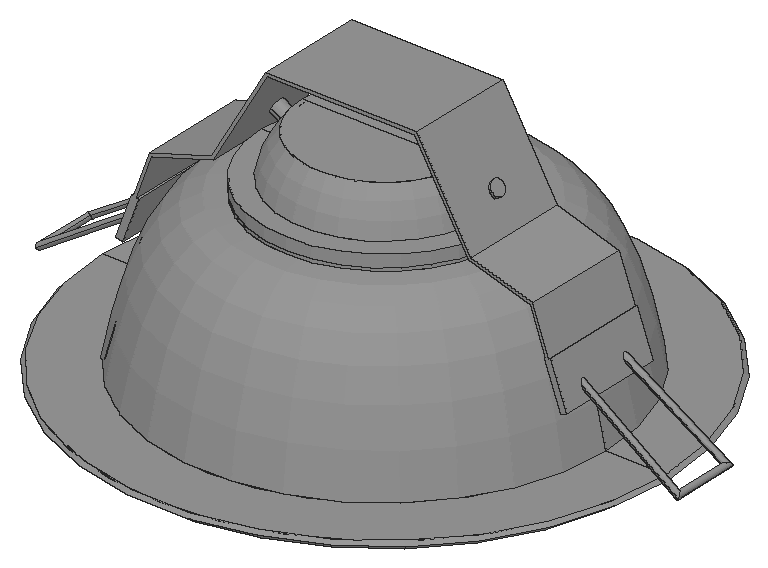
Revit family "63_UN_Downlight_DLM D150_Norton", category Lighting Fixtures, Revit 2019
Family settings
  Round Connector Dimension = Use Diameter
  Part Type = Normal
  OmniClass Number = 23.80.70.11.14.11
  OmniClass Title = Downlights
  Work Plane-Based = No
  Always vertical = Yes
  Cut with Voids When Loaded = No
  Light Source = Yes
  Shared = No
  Room Calculation Point = Yes
Parameters (values of type "DLMZ84LM700-1350D150")
  Wattage Comments = "12W"
  Wattage = 9.07488 W
  built-in parameter 1150110 = 1 (stored number, unit not read)
  Voltage = 230 V
  URL = "https://www.ivlibrary.com/"
  Type Comments = "D150"
  built-in parameter 1114217 = 1 (stored number, unit not read)
  Tilt Angle = 90.00°
  built-in parameter 1150109 = 1 (stored number, unit not read)
  built-in parameter 1150134 = 3
  Symbol_ToScale [instance] = not(Symbol_RealSize)  # yes
  Symbol_RealSize [instance] = no
  Switch Code [instance] = ""
  built-in parameter 1150113 = 1 (stored number, unit not read)
  Photometric Web File = "DLMZ84LM700-1350D150_LDT.ies"
  Model = "DLM"
  Manufacturer = "Norton"
  built-in parameter 1150105 = 601.73 (stored number, unit not read)
  Luminous Flux (lm) = 1348 lm
  Lumens = 1348 lm
  built-in parameter 1150115 = 1 (stored number, unit not read)
  Luminaire Code [instance] = ""
  built-in parameter 1150137 = (empty or 0)
  built-in parameter 1150139 = (empty or 0)
  built-in parameter 1150112 = 1 (stored number, unit not read)
  built-in parameter 1150114 = 1 (stored number, unit not read)
  Lamp = "LED"
  built-in parameter 1150132 = 2
  built-in parameter 1150102 = (empty or 0)
  built-in parameter 1150107 = 3200 (stored number, unit not read)
  built-in parameter 1150138 = (empty or 0)
  built-in parameter 1150106 = 6.0173 (stored number, unit not read)
  IfcExportType = "USERDEFINED"
  IfcExportAs = "IfcLightFixtureType"
  IP Value = "IP44"
  IK Value = "IK07"
  Housing_Material = Laminate, White
  Emit from Circle Diameter = 80 mm
  Emit Shape Visible in Rendering = no
  built-in parameter 1150104 = 13.8 (stored number, unit not read)
  Dimming Lamp Color Temperature Shift = <None>
  Description = ""
  Content Creator® = "www.ivlibrary.com"
  Color Filter = 16777215
  built-in parameter 1114218 = 1 (stored number, unit not read)
  built-in parameter 1150133 = 10 (stored number, unit not read)
  Assembly Code = "63.0"
  Apparent Load = 12 VA
Types (4, lengths in mm): name | Wattage | Photometric Web File | Luminous Flux (lm) | Lumens
  DLMW83LM650-1300D150 | 8.75174 W | "DLMW83LM650-1300D150_LDT.ies" | 1300 lm | 1300 lm
  DLMW84LM700-1350D150 | 9.07488 W | "DLMW84LM700-1350D150_LDT.ies" | 1348 lm | 1348 lm
  DLMZ83LM650-1300D150 | 8.75174 W | "DLMZ83LM650-1300D150_LDT.ies" | 1300 lm | 1300 lm
  DLMZ84LM700-1350D150 | 9.07488 W | "DLMZ84LM700-1350D150_LDT.ies" | 1348 lm | 1348 lm
Reference planes
  plane 1 "Center (Front/Back)": y = 0
  plane 2: z = 0
  plane 3 "Center (Left/Right)": x = 0
Forms (mm)
  Revolve 1, solid, material "Laminate, White" <- "Housing_Material"
    sketch origin (0, 0, 0) x (1, 0, 0) y (0, 0, 1)
      loop
        line (-72.246, 0) -> (-91.724, 0) -> (-92.864, -1.14) -> (-88.821, -3.971) -> (-71.246, -3.971) -> (-71.246, -0.146)
        spline (-71.246, -0.146) -> (-69.663, 8.116) -> (-67.867, 15.612) -> (-65.862, 22.341) -> (-63.648, 28.299) -> (-61.229, 33.484) -> (-58.613, 37.9) -> (-55.807, 41.55) -> (-52.82, 44.437) -> (-49.656, 46.571) -> (-46.305, 47.971) -> (-42.752, 48.653) -> (-38.973, 48.616)
        line (-38.973, 48.616) -> (-38.973, 53.695) -> (-32.475, 53.695)
        arc (-32.475, 53.695) -> (-30.259, 60.845) -> (-26.267, 67.177) r 28.644
        line (-26.267, 67.177) -> (0, 67.177) -> (0, 68.177) -> (-26.731, 68.177)
        arc (-26.731, 68.177) -> (-30.885, 61.859) -> (-33.306, 54.695) r 29.644
        line (-33.306, 54.695) -> (-39.973, 54.695) -> (-39.973, 49.695)
        spline (-39.973, 49.695) -> (-43.799, 49.539) -> (-47.418, 48.658) -> (-50.831, 47.053) -> (-54.037, 44.723) -> (-57.036, 41.668) -> (-59.829, 37.889) -> (-62.415, 33.386) -> (-64.794, 28.158) -> (-66.967, 22.205) -> (-68.933, 15.528) -> (-70.693, 8.126) -> (-72.246, 0)
      axis (0, 68.177) -> (0, -3.971)
    angle from 0 to 360
  Sweep 2, solid, material "Laminate, White" <- "Housing_Material"
    path origin (0, 0, 0) x (1, 0, 0) y (0, 0, 1)
      loop
        line (72.002, 18.484) -> (61.741, 46.675) -> (41.491, 52.866) -> (23.991, 83.177) -> (0, 83.177) -> (-23.991, 83.177) -> (-41.491, 52.866) -> (-61.741, 46.675) -> (-72.002, 18.484)
    profile origin (-11.996, 0, 83.177) x (0, 0, -1) y (0, -1, 0)
      loop
        line (0, 0) -> (0, 17.5) -> (-1.048, 17.5) -> (-1.048, 0) -> (-1.048, -17.5) -> (0, -17.5) -> (0, 0)
  Extrusion 3, solid, material "Laminate, White" <- "Housing_Material"
    sketch origin (39.773, 0, 55.843) x (-0.5, 0, 0.866025) y (0, 1, 0)
      loop
        circle (8.941, 0) r 2.477
    from 5.578 to -2.033
  Extrusion 4, solid, material "Laminate, White" <- "Housing_Material"
    sketch origin (-39.773, 0, 55.843) x (0.5, 0, 0.866025) y (0, -1, 0)
      loop
        circle (8.941, 0) r 2.477
    from 5.578 to -2.161
  Sweep 5, solid, material "Laminate, White" <- "Housing_Material"
    path origin (8.441, 0, 17.874) x (0.838671, 0, 0.544639) y (0, 1, 0)
      loop
        line (-62.547, 8.603) -> (-102.547, 10) -> (-102.547, -10) -> (-62.547, -8.603)
    profile origin (-60.789, 9.302, -27.084) x (-0.029269, -0.999391, -0.019008) y (-0.544639, 0, 0.838671)
      loop
        circle (0, 48.487) r 1
  Extrusion 6, solid, material "Laminate, White" <- "Housing_Material"
    sketch origin (0, 0, 0) x (1, 0, 0) y (0, 0, 1)
      loop
        line (-68.335, 33.34) -> (-73.538, 19.044) -> (-71.45, 18.284) -> (-66.247, 32.58) -> (-68.335, 33.34)
    from 17.5 to -17.5
  Sweep 7, solid, material "Laminate, White" <- "Housing_Material"
    path origin (-8.441, 0, 17.874) x (-0.838671, 0, 0.544639) y (0, -1, 0)
      loop
        line (-62.547, -8.603) -> (-102.547, -10) -> (-102.547, 10) -> (-62.547, 8.603)
    profile origin (60.789, 9.302, -27.084) x (-0.029269, 0.999391, 0.019008) y (0.544639, 0, 0.838671)
      loop
        circle (0, 48.487) r 1
  Extrusion 8, solid, material "Laminate, White" <- "Housing_Material"
    sketch origin (0, 0, 0) x (-1, 0, 0) y (0, 0, -1)
      loop
        line (-68.335, -33.34) -> (-66.247, -32.58) -> (-71.45, -18.284) -> (-73.538, -19.044) -> (-68.335, -33.34)
    from 17.5 to -17.5
  Revolve 9, solid, material "Glass, White, High Luminance"
    sketch origin (0, 0, 0) x (1, 0, 0) y (0, 0, 1)
      loop
        line (-39.973, 50.633) -> (-39.973, 49.695) -> (0, 49.695) -> (0, 50.633) -> (-39.973, 50.633)
      axis (0, 50.633) -> (0, 49.633)
    angle from 0 to 360
Cuts and joins
  joined: Revolve 1, Sweep 2, Sweep 5, Extrusion 6, Sweep 7, Extrusion 8
Lines and regions (mm)
  symbolic lines, visible <- "Symbol_RealSize"
    curve 1: circle (0, 0, 0) r 75 normal (0, 0, 1)
Dimensions and locks
  aligned and locked: level to plane 2
Nested families
  nested 1: "D150 Symbol" at (0, 0, 0), visible <- "Symbol_ToScale", type "D150"
Connectors
  electrical at (0, 0, 0), driven by "Voltage", driven by "Apparent Load"
    settings: index 1, voltage 230 V, apparent load 0 VA, apparent load phase1 12 VA, apparent load phase2 0 VA, apparent load phase3 0 VA, power factor 1, load classification "Lighting", number of poles 1, system type 31, power factor state 1, is connector primary yes, connector utility no, sub classification motor no, connector description ""
Definition of nested family "D150 Symbol"
  Reference planes
    plane 1: y = 0
    plane 2: x = 0
  Lines and regions (mm)
    detail lines
      curve 1: circle (0, 0, 0) r 0.8 normal (0, 0, 1)
